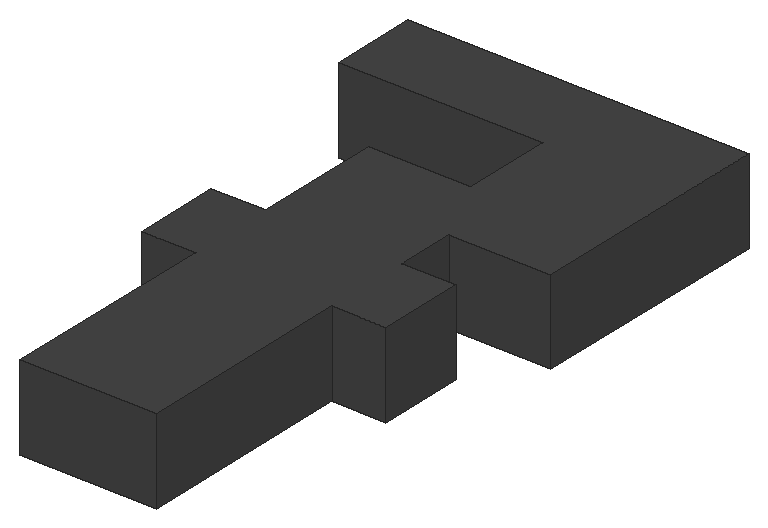
Revit family "Семейство7", category Обобщенные модели, Revit 2022
Family settings
  Может служить основой для арматурных стержней = Нет
  Размер круглого соединителя = Использовать диаметр
  Тип детали = Нормальный
  На основе рабочей плоскости = Нет
  Всегда вертикально = Да
  При загрузке вырезать с полостями = Нет
  Сохранять ориентацию аннотаций = Нет
  Общий = Нет
  Точка принадлежности помещению = Нет
Parameters
  Отметка по умолчанию = 0 mm
Reference planes
  plane 1 "По центру (Вперед/Назад)": y = 0
  plane 2: z = 0
  plane 3 "По центру (Влево/Вправо)": x = 0
Forms (mm)
  Extrusion 1, solid, material "Новый материал 6"
    sketch origin (270, -55.402, 0) x (1, 0, 0) y (0, 1, 0)
      loop
        line (-169.725, 229.991) -> (230, 229.991) -> (230, 955.402) -> (-169.725, 955.402) -> (-169.725, 229.991)
    from 0 to 250
  Extrusion 2, solid, material "Новый материал 6"
    sketch origin (-460, -244.8, 0) x (1, 0, 0) y (0, 1, 0)
      loop
        line (-40, 888.305) -> (960, 888.305) -> (960, 1144.8) -> (-40, 1144.8) -> (-40, 888.305)
    from 0 to 250
  Extrusion 3, solid, material "Новый материал 6"
    sketch origin (-464.8, -1032.6, 0) x (1, 0, 0) y (0, 1, 0)
      loop
        line (104.8, 776.499) -> (824.8, 776.499) -> (824.8, 1032.6) -> (104.8, 1032.6) -> (104.8, 776.499)
    from 0 to 250
  Extrusion 4, solid, material "Новый материал 6"
    sketch origin (-329.8, -820.202, 0) x (1, 0, 0) y (0, 1, 0)
      loop
        line (129.8, -81.093) -> (529.8, -81.093) -> (529.8, 1200.202) -> (129.8, 1200.202) -> (129.8, -81.093)
    from 0 to 250
Cuts and joins
  joined: Extrusion 1, Extrusion 2, Extrusion 3, Extrusion 4
Dimensions and locks
  plane 3 "По центру (Влево/Вправо)" to Extrusion 1 to Extrusion 1 = 100.275 mm, 399.725 mm
  Extrusion 1 to Extrusion 1 to plane 1 "По центру (Вперед/Назад)" = 725.41 mm, 174.59 mm
  Extrusion 2 to Extrusion 2 = 1000 mm
  Extrusion 2 to Extrusion 2 = 256.495 mm
  cut or joined group of Extrusion 1, Extrusion 2, Extrusion 3, Extrusion 4 to cut or joined group of Extrusion 1, Extrusion 2, Extrusion 3, Extrusion 4 = 250 mm
  cut or joined group of Extrusion 1, Extrusion 2, Extrusion 3, Extrusion 4 to plane 3 "По центру (Влево/Вправо)" to cut or joined group of Extrusion 1, Extrusion 2, Extrusion 3, Extrusion 4 = 500 mm, 500 mm
  cut or joined group of Extrusion 1, Extrusion 2, Extrusion 3, Extrusion 4 to cut or joined group of Extrusion 1, Extrusion 2, Extrusion 3, Extrusion 4 = 256.495 mm
  equal spacing: cut or joined group of Extrusion 1, Extrusion 2, Extrusion 3, Extrusion 4, plane 3 "По центру (Влево/Вправо)", cut or joined group of Extrusion 1, Extrusion 2, Extrusion 3, Extrusion 4
  aligned and locked: level to plane 2
Automatic sketch dimensions
  plane 3 "По центру (Влево/Вправо)" to Extrusion 1 sketch curve = 100.275 mm
  Extrusion 1 sketch curve to Extrusion 1 sketch curve = 399.725 mm
  Extrusion 1 sketch curve to plane 1 "По центру (Вперед/Назад)" = 174.59 mm
  Extrusion 1 sketch curve to Extrusion 1 sketch curve = 725.41 mm
  Extrusion 2 sketch curve to plane 3 "По центру (Влево/Вправо)" = 500 mm
  plane 3 "По центру (Влево/Вправо)" to Extrusion 2 sketch curve = 500 mm
  Extrusion 2 sketch curve to plane 1 "По центру (Вперед/Назад)" = 643.505 mm
  Extrusion 2 sketch curve to Extrusion 2 sketch curve = 256.495 mm
  plane 1 "По центру (Вперед/Назад)" to Extrusion 3 sketch curve = 0 mm
  Extrusion 3 sketch curve to plane 3 "По центру (Влево/Вправо)" = 360 mm
  plane 3 "По центру (Влево/Вправо)" to Extrusion 3 sketch curve = 360 mm
  plane 1 "По центру (Вперед/Назад)" to Extrusion 3 sketch curve = 256.101 mm
  Extrusion 4 sketch curve to plane 3 "По центру (Влево/Вправо)" = 200 mm
  plane 3 "По центру (Влево/Вправо)" to Extrusion 4 sketch curve = 200 mm
  plane 1 "По центру (Вперед/Назад)" to Extrusion 4 sketch curve = 901.295 mm
  Extrusion 4 sketch curve to plane 1 "По центру (Вперед/Назад)" = 380 mm
